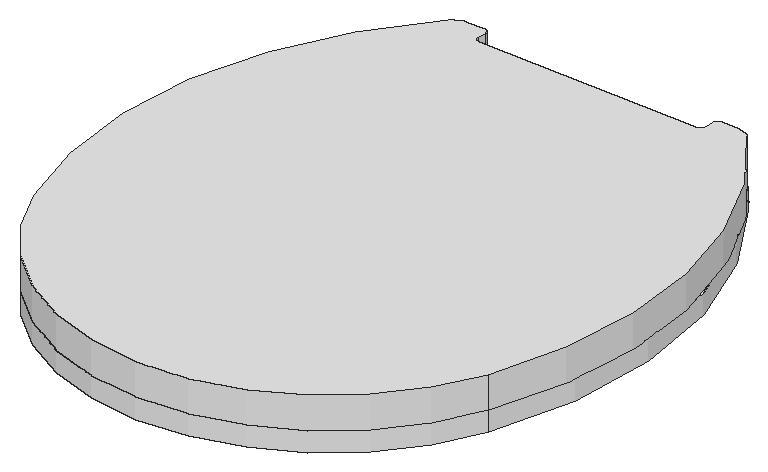
Revit family "Toilet_Seat-Round-American_Standard-Cardiff-5259B65MT_Series", category Specialty Equipment, Revit 2018
Family settings
  Round Connector Dimension = Use Diameter
  Part Type = Normal
  OmniClass Number = 23.45.00.00
  OmniClass Title = Sanitary, Laundry, and Cleaning Equipment
  Work Plane-Based = Yes
  Always vertical = No
  Cut with Voids When Loaded = No
  Shared = Yes
  Room Calculation Point = No
Parameters (values of type "5259B65MT.020")
  Width = 14 3/16"
  Warranty Information = "1 Year Limited Warranty"
  URL = "http://www.americanstandard-us.com/"
  Product Page URL = "https://www.americanstandard-us.com/bathroom/toilet-seats-bidet-seats/cardiff-round-front-slow-close-toilet-seat-51968?variant=white"
  Product Documentation Link = "https://www.americanstandard-us.com/-/media/sites/asus/files/product-specs/toilet-seats/2019/cardiff-toilet-seats/specsheet-5257a65mt-5259b65mt.pdf?la=en"
  Price = "Prices may vary. Please consult Manufacturer Representative for most up-to-date price list."  # constant formula
  Model = "5259B65MT.020"
  Material = "Plastic-American Standard-020-White"
  Manufacturer = "American Standard"
  Length = 15 3/8"
  Installation Type = "Surface Mounted"
  Height = 1 1/2"
  Finish = Plastic-American Standard-020-White
  Description = "Cardiff Round Front Slow-Close Toilet Seat"
  Default Elevation = 0"
  Creation Date = "5/13/21"  # constant formula
  Assembly Code = "C1030200"
Types (3): name | Model | Material | Finish
  5259B65MT.020 | "5259B65MT.020" | "Plastic-American Standard-020-White" | Plastic-American Standard-020-White
  5259B65MT.021 | "5259B65MT.021" | "Plastic-American Standard-021-Bone" | Plastic-American Standard-021-Bone
  5259B65MT.222 | "5259B65MT.222" | "Plastic-American Srandard-222-Linen" | Plastic-American Srandard-222-Linen
Reference planes (in)
  plane 1 "Center (Front/Back)": y = 0
  plane 2: z = -0.00377
  plane 3 "Center (Left/Right)": x = 0
  plane 4: y = -15.375
  plane 5: y = 0.5
  plane 6: z = 1.49623
  plane 7: x = -6.9375
  plane 8: x = 6.9375
Forms (in)
  Extrusion 1, solid, material "Plastic-American Standard-020-White" <- "Finish"
    sketch origin (41, 0.375, -0.03502) x (-1, 0, 0) y (0, -1, 0)
      loop
        line (38.02622, 0.375) -> (43.97378, 0.375)
        arc (43.97378, 0.375) -> (44.06217, 0.33839) -> (44.09878, 0.25) r 0.125
        line (44.09878, 0.25) -> (44.09878, 0)
        arc (44.09878, 0) -> (44.13539, -0.08839) -> (44.22378, -0.125) r 0.125
        line (44.22378, -0.125) -> (44.68722, -0.125)
        arc (44.68722, -0.125) -> (44.88976, -0.08214) -> (45.05758, 0.03909) r 0.5
        arc (45.05758, 0.03909) -> (47.75059, 5.47208) -> (47.1889, 11.50981) r 11.10726
        arc (47.1889, 11.50981) -> (41, 15.75094) -> (34.8111, 11.50981) r 6.63616
        arc (34.8111, 11.50981) -> (34.24941, 5.47208) -> (36.94242, 0.03909) r 11.10726
        arc (36.94242, 0.03909) -> (37.11024, -0.08214) -> (37.31278, -0.125) r 0.5
        line (37.31278, -0.125) -> (37.77622, -0.125)
        arc (37.77622, -0.125) -> (37.86461, -0.08839) -> (37.90122, 0) r 0.125
        line (37.90122, 0) -> (37.90122, 0.25)
        arc (37.90122, 0.25) -> (37.93783, 0.33839) -> (38.02622, 0.375) r 0.125
    from 0 to 1.53125
  Extrusion 2, solid, material "Plastic-American Standard-020-White" <- "Finish"
    sketch origin (56, -0.25, 0.08998) x (-1, 0, 0) y (0, -1, 0)
      loop
        arc (52.16082, 8.19879) -> (56, 3.74239) -> (59.83918, 8.19879) r 3.88192
        arc (59.83918, 8.19879) -> (59.23514, 10.2393) -> (58.09333, 12.03509) r 7.66472
        arc (58.09333, 12.03509) -> (56, 13.00171) -> (53.90667, 12.03509) r 2.75
        arc (53.90667, 12.03509) -> (52.76486, 10.2393) -> (52.16082, 8.19879) r 7.66472
      loop
        arc (60.50369, -0.06234) -> (62.80819, 5.18619) -> (62.1889, 10.88481) r 11.10726
        arc (62.1889, 10.88481) -> (56, 15.12594) -> (49.8111, 10.88481) r 6.63616
        arc (49.8111, 10.88481) -> (49.19181, 5.18619) -> (51.49631, -0.06234) r 11.10726
        arc (51.49631, -0.06234) -> (51.67015, -0.20065) -> (51.88675, -0.25) r 0.5
        line (51.88675, -0.25) -> (60.11325, -0.25)
        arc (60.11325, -0.25) -> (60.32985, -0.20065) -> (60.50369, -0.06234) r 0.5
    from 0 to 0.54148
  Extrusion 3, void
    sketch origin (7.5, -17.39369, 3.20585) x (0, 1, 0) y (0, 0, -1)
      loop
        arc (17.30738, 3.05482) -> (17.66282, 3.19499) -> (17.89369, 2.89055) r 0.31617
        line (17.89369, 2.89055) -> (17.89369, 3.33531) -> (1.88365, 3.33531) -> (1.88365, 2.57438) -> (16.45295, 2.57438)
        arc (16.45295, 2.57438) -> (16.94307, 2.70273) -> (17.30738, 3.05482) r 1
    from 0.43865 to 14.575
  Extrusion 4, void
    sketch origin (0.125, 0.375, -0.53502) x (-1, 0, 0) y (0, 0, 1)
      loop
        line (-2.8037, 1.125) -> (-2.8037, 0) -> (3.18079, 0) -> (3.18079, 1.125) -> (-2.8037, 1.125)
    from -0.65212 to -0.125
Cuts and joins
  Extrusion 3, Extrusion 4 cuts Extrusion 1
Lines and regions (in)
  Masking region 1
    outline origin (0, 0, 0) x (1, 0, 0) y (0, 1, 0)
      loop
        arc (-4.05758, 0.33591) -> (-6.75059, -5.09708) -> (-6.1889, -11.13481) r 11.10726
        arc (-6.1889, -11.13481) -> (0, -15.37594) -> (6.1889, -11.13481) r 6.63616
        arc (6.1889, -11.13481) -> (6.75059, -5.09708) -> (4.05758, 0.33591) r 11.10726
        arc (4.05758, 0.33591) -> (3.88976, 0.45714) -> (3.68722, 0.5) r 0.5
        line (3.68722, 0.5) -> (3.22378, 0.5)
        arc (3.22378, 0.5) -> (3.13539, 0.46339) -> (3.09878, 0.375) r 0.125
        line (3.09878, 0.375) -> (3.09878, 0.125)
        arc (3.09878, 0.125) -> (3.06217, 0.03661) -> (2.97378, 0) r 0.125
        line (2.97378, 0) -> (-2.97378, 0)
        arc (-2.97378, 0) -> (-3.06217, 0.03661) -> (-3.09878, 0.125) r 0.125
        line (-3.09878, 0.125) -> (-3.09878, 0.375)
        arc (-3.09878, 0.375) -> (-3.13539, 0.46339) -> (-3.22378, 0.5) r 0.125
        line (-3.22378, 0.5) -> (-3.68722, 0.5)
        arc (-3.68722, 0.5) -> (-3.88976, 0.45714) -> (-4.05758, 0.33591) r 0.5
Dimensions and locks (in)
  "Height": plane 2 to plane 6
  plane 4 to plane 1 "Center (Front/Back)" = 15 3/8"
Automatic sketch dimensions
  Extrusion 3 sketch curve to plane 5 = 0"  (x2)
  Extrusion 3 sketch curve to plane 1 "Center (Front/Back)" = 0.18383"
  plane 1 "Center (Front/Back)" to Extrusion 3 sketch curve = 0.08631"
  Extrusion 3 sketch curve to Extrusion 3 sketch curve = 0"  (x2)
  Extrusion 3 sketch curve to level = 0.36853"
  plane 1 "Center (Front/Back)" to Extrusion 3 sketch curve = 0.94074"
  Extrusion 3 sketch curve to level = 0.12946"
  Extrusion 3 sketch curve to plane 4 = 0.13504"
  Extrusion 4 sketch curve to level = 0.53502"
  plane 3 "Center (Left/Right)" to Extrusion 4 sketch curve = 2.9287"
  Extrusion 4 sketch curve to plane 3 "Center (Left/Right)" = 3.05579"
  Extrusion 4 sketch curve to Extrusion 4 sketch curve = 1 1/8"
  plane 1 "Center (Front/Back)" to Extrusion 1 sketch curve = 0"  (x3)
  Extrusion 1 sketch curve to plane 5 = 0"  (x2)
  Extrusion 1 sketch curve to plane 3 "Center (Left/Right)" = 0"
  plane 3 "Center (Left/Right)" to Extrusion 1 sketch curve = 2.97378"
  Extrusion 1 sketch curve to plane 5 = 1/8"  (x2)
  Extrusion 1 sketch curve to Extrusion 1 sketch curve = 1/8"
  Extrusion 1 sketch curve to Extrusion 1 sketch curve = 0.46344"  (x2)
  plane 8 to Extrusion 1 sketch curve = 2.76774"
  Extrusion 1 sketch curve to plane 1 "Center (Front/Back)" = 1/8"
  Extrusion 1 sketch curve to plane 3 "Center (Left/Right)" = 2.97378"
  plane 7 to Extrusion 1 sketch curve = 2.76774"
  plane 1 "Center (Front/Back)" to Extrusion 1 sketch curve = 7.12614"  (x2)
  Extrusion 1 sketch curve to Extrusion 1 sketch curve = 1.61365"
  Extrusion 1 sketch curve to Extrusion 1 sketch curve = 0"  (x3)
  plane 1 "Center (Front/Back)" to Extrusion 2 sketch curve = 0"
  Extrusion 2 sketch curve to plane 3 "Center (Left/Right)" = 0"  (x3)
  plane 8 to Extrusion 2 sketch curve = 3.19636"
  plane 1 "Center (Front/Back)" to Extrusion 2 sketch curve = 1/2"
  plane 8 to Extrusion 2 sketch curve = 2.82425"
  Extrusion 2 sketch curve to Extrusion 2 sketch curve = 0.42862"  (x2)
  plane 7 to Extrusion 2 sketch curve = 2.82425"
  Extrusion 2 sketch curve to Extrusion 2 sketch curve = 1/2"
  Extrusion 2 sketch curve to Extrusion 2 sketch curve = 6.62614"
  Extrusion 2 sketch curve to Extrusion 2 sketch curve = 0.18837"  (x2)
  Extrusion 2 sketch curve to Extrusion 2 sketch curve = 0.55981"
  Extrusion 2 sketch curve to Extrusion 2 sketch curve = 0.86547"
  Extrusion 2 sketch curve to Extrusion 2 sketch curve = 1.76193"
  plane 3 "Center (Left/Right)" to Extrusion 2 sketch curve = 2.09333"
  Extrusion 2 sketch curve to Extrusion 2 sketch curve = 0"  (x6)
  plane 1 "Center (Front/Back)" to Extrusion 2 sketch curve = 0.18766"
  plane 8 to Extrusion 2 sketch curve = 0.7486"
  Masking region 1 sketch curve to plane 5 = 0"  (x2)
  plane 1 "Center (Front/Back)" to Masking region 1 sketch curve = 0"  (x3)
  Masking region 1 sketch curve to plane 3 "Center (Left/Right)" = 0"
  Masking region 1 sketch curve to plane 3 "Center (Left/Right)" = 2.97378"
  Masking region 1 sketch curve to plane 1 "Center (Front/Back)" = 1/8"
  Masking region 1 sketch curve to Masking region 1 sketch curve = 1/8"  (x2)
  Masking region 1 sketch curve to Masking region 1 sketch curve = 0.46344"  (x2)
  plane 7 to Masking region 1 sketch curve = 2.76774"
  plane 3 "Center (Left/Right)" to Masking region 1 sketch curve = 2.97378"
  Masking region 1 sketch curve to plane 5 = 1/8"
  plane 8 to Masking region 1 sketch curve = 2.76774"
  plane 1 "Center (Front/Back)" to Masking region 1 sketch curve = 7.12614"  (x2)
  Masking region 1 sketch curve to Masking region 1 sketch curve = 1.61365"
  Masking region 1 sketch curve to Masking region 1 sketch curve = 0"  (x3)
